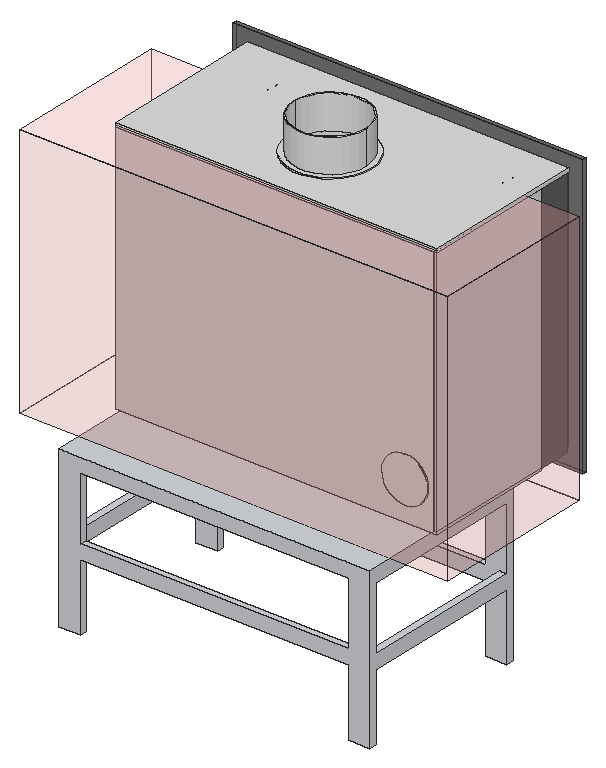
Revit family "FOGO MONTANHA-DESIGN-E909-STEEL DOOR-R19-V00", category Mechanical Equipment, host Wall, Revit 2019
Family settings
  Host = Wall
  Round Connector Dimension = Use Diameter
  Part Type = Normal
  OmniClass Number = 23.19.17.00
  Always vertical = Yes
  Cut with Voids When Loaded = No
  Shared = No
  Room Calculation Point = No
Parameters (values of type "Black Steel Door-4 sided Glass Frame 50mm")
  r_SmallDuct_Top = Diameter / 2  # 50 mm
  r_CentralDuct_Top = F / 2  # 100 mm
  r_Duct_back = 65 mm
  V = 275
  Support Table [instance] = yes
  Pu = 8.5
  Power = 10.6 kW
  Pn = 12.1
  P = 137
  Glass = Fogo Montanha-Glass
  Frame Type = FOGO MONTANHA-DESIGN-4L FRAME : E909-50mm-Glass
  Electrical Power = 32 W
  Electric tension = 230 V
  Efficiency at nominal power = "77%"
  Door_Glass_Offset = 70 mm
  Diameter = 100 mm
  Dark Glass = Fogo Montanha-Dark Glass
  URL = "https://welcome.fogo-montanha.com/pesquisar/PA2019P021"
  Door_Position = 5 mm  # constant formula
  Door = Fogo Montanha-Black Steel
  Offset_Door-Frame = 26.7 mm
  Model = "Design-E909"  # constant formula
  Manufacturer URL = "www.fogo-montanha.com"
  Manufacturer = "Fogo Montanha"  # constant formula
  Height from Level [instance] = 450 mm
  Version = "v00"  # constant formula
  Uniformat II Description = "Heat Generating Systems"  # constant formula
  Uniformat II Code = "D3020"  # constant formula
  Uniclass 2015 Name = "Space heaters"  # constant formula
  Uniclass 2015 Code = "TE_70_10_20_80"  # constant formula
  Uniclass 2.0 Description = "Space Heating And Cooling Products"  # constant formula
  Uniclass 2.0 Code = "PR-70-60-36-74"  # constant formula
  Uniclass 1.4 Description = "Fireplaces"  # constant formula
  Uniclass 1.4 Code = "L828"  # constant formula
  UNSPSC Description = "Space Heaters"  # constant formula
  UNSPSC Code = "40101819"  # constant formula
  Reference = "PA2019P021"
  Publication date = "08/2022"  # constant formula
  Number of Poles = 1
  NBS Reference Description = "Room Heaters"  # constant formula
  NBS Reference Code = "60-36-74"  # constant formula
  Masterformat 2014 Description = "Fireplaces and Stoves"  # constant formula
  Masterformat 2014 Code = "10 30 00"  # constant formula
  K = B + 13 mm  # 719 mm
  J = A + 17 mm  # 907 mm
  IfcExportType = "IfcSpaceHeaterType"  # constant formula
  IfcExportAs = "IfcSpaceHeater"  # constant formula
  G = 275 mm
  F = 200 mm
  Offset_Duct_Back = 90 mm
  Clearance Zone Visible [instance] = yes
  Clearance Zone = 150 mm
  Cl = 3.7
  CO2 = 7.7
  CO 13% O2 = 0.077
  Aux_Duct_Top = 120 mm
  Det_Door = 10 mm
  Description = "Inseríveis a lenha com ventilação tangencial incluída de série, disponíveis em preto, cinza ou porta em vidro. Incluem porta com sistema de fecho automático, ar externo canalizável através de um kit opcional, dupla combustão e câmara estanque. Possibilidade de regulação da ventilação através de um controlador GLA que, com a inclusão de um Damper, permitirá também o controlo do ar de combustão. Kit wi-fi opcional para gestão do controlador GLA à distância através de smartphone."  # constant formula
  D = 465 mm
  Body = Fogo Montanha-Steel Galvanized
  Base_Offset [instance] = if(and(Height from Level < 300 mm, Support Table), 300 mm, if(and(Height from Level > 545 mm, Support Table), 545 mm, Height from Level))  # 450 mm
  E = B  # 706 mm
  C = A  # 890 mm
  BIM Modeler URL = "www.stratbim.com"
  BIM Modeler = "StratBIM"
  B = 706 mm
  Assembly Code = "D3020"
  A = 890 mm
Types (6, lengths in mm): name | Frame Type
  Black Steel Door-4 sided Glass Frame 50mm | FOGO MONTANHA-DESIGN-4L FRAME : E909-50mm-Glass
  Black Steel Door-3 sided Glass Frame 50mm | FOGO MONTANHA-DESIGN-3L FRAME : E909-50mm-Glass
  Black Steel Door-4 sided Black Steel Frame 20mm | FOGO MONTANHA-DESIGN-4L FRAME : E909-20mm-Black Steel
  Black Steel Door-4 sided Black Steel Frame 45mm | FOGO MONTANHA-DESIGN-4L FRAME : E909-45mm-Black Steel
  Black Steel Door-3 sided Black Steel Frame 20mm | FOGO MONTANHA-DESIGN-3L FRAME : E909-20mm-Black Steel
  Black Steel Door-3 sided Black Steel Frame 45mm | FOGO MONTANHA-DESIGN-3L FRAME : E909-45mm-Black Steel
Reference planes
  plane 1 "Wall": y = 0
  plane 2 "Center (Left/Right)": x = 0
  plane 3 "Front": y = 75
  plane 4 "2": x = 445
  plane 5 "3": x = -445
  plane 6 "4": x = -445
  plane 7 "5": x = 445
  plane 8 "6": x = -453.5
  plane 9 "7": x = 453.5
  plane 10 "K'": z = 1169
  plane 11 "K": z = 450
  plane 12: y = -200
  plane 13: y = -390
  plane 14 "8": x = -50
  plane 15 "9": x = 50
  plane 16 "10": x = 363.5
  plane 17: z = 809.5
  plane 18 "B'": z = 1162.5
  plane 19 "B": z = 456.5
  plane 20 "E'": z = 1162.5
  plane 21 "E": z = 456.5
  plane 22 "L": z = 558.7
  plane 23: y = -46
  plane 24 "M": x = -333.5
  plane 25 "M'": x = 333.5
  plane 26: z = 462
  plane 27 "S": x = -448.5
  plane 28 "T": x = 448.5
  plane 29 "U": x = 421.8
  plane 30 "V": x = -421.8
  plane 31: z = 1135.8
  plane 32: z = 488.7
  plane 33: z = 558.7
  plane 34: z = 1065.8
  plane 35 "W": x = 351.8
  plane 36 "X": x = -351.8
  plane 37: y = -340
  plane 38 "Y": x = 100
  plane 39 "AA": x = -100
  plane 40: y = 87
  plane 41 "BB": z = 1269
  plane 42 "Origin": z = 0
  plane 43: y = -25
Forms (mm)
  Extrusion 1, solid, material "Fogo Montanha-Steel Galvanized" <- "Body", detail levels coarse
    sketch origin (0, 75, 0) x (1, 0, 0) y (0, 0, 1)
      loop
        line (453.5, 450) -> (453.5, 1162.5) -> (-453.5, 1162.5) -> (-453.5, 450) -> (453.5, 450)
    from 0 to 465
  Extrusion 2, solid, material "Fogo Montanha-Steel Galvanized" <- "Body", detail levels medium+fine
    sketch origin (-453.5, 0, 0) x (0, 1, 0) y (0, 0, 1)
      loop
        line (-25, 456.5) -> (-25, 1162.5) -> (-200, 1162.5) -> (-390, 1162.5) -> (-390, 456.5) -> (-25, 456.5)
    from 0 to 8.5
  Extrusion 3, solid, material "Fogo Montanha-Steel Galvanized" <- "Body", detail levels medium+fine
    sketch origin (453.5, 30, 0) x (0, 1, 0) y (0, 0, -1)
      loop
        line (-55, -456.5) -> (-420, -456.5) -> (-420, -1162.5) -> (-230, -1162.5) -> (-55, -1162.5) -> (-55, -456.5)
    from 0 to 8.5
  Extrusion 4, solid, material "Fogo Montanha-Steel Galvanized" <- "Body", detail levels medium+fine
    sketch origin (1420, -390, 1200) x (1, 0, 0) y (0, 0, 1)
      loop
        line (-975, -743.5) -> (-975, -37.5) -> (-1865, -37.5) -> (-1865, -743.5) -> (-975, -743.5)
    from 0 to -8
  Extrusion 5, solid, material "Fogo Montanha-Steel Galvanized" <- "Body", detail levels medium+fine
    sketch origin (2348.699, 225, 1162.5) x (1, 0, 0) y (0, 1, 0)
      loop
        line (-2802.199, -150) -> (-2802.199, -615) -> (-1895.199, -615) -> (-1895.199, -150) -> (-2802.199, -150)
      loop
        circle (-2348.699, -425) r 100
    from 10 to 0
  Extrusion 6, solid, material "Fogo Montanha-Steel Galvanized" <- "Body", detail levels medium+fine
    sketch origin (2348.699, 225, 456.5) x (1, 0, 0) y (0, 1, 0)
      loop
        line (-2802.199, -250) -> (-2802.199, -615) -> (-1895.199, -615) -> (-1895.199, -250) -> (-2802.199, -250)
    from -6.5 to 0
  Extrusion 7, solid, material "Fogo Montanha-Steel Galvanized" <- "Body", detail levels medium+fine
    sketch origin (1420, -390, 1200) x (1, 0, 0) y (0, 0, 1)
      loop
        circle (-1056.5, -641.3) r 65
    from 0 to 1
  Sweep 8, solid, material "Fogo Montanha-Steel Galvanized" <- "Body"
    path in 3D
      loop
        arc (-100, -200, 1169) -> (0, -300, 1169) -> (100, -200, 1169) r 100
        arc (100, -200, 1169) -> (0, -100, 1169) -> (-100, -200, 1169) r 100
    profile origin (0, -100, 1169) x (0, -1, 0) y (0, 0, 1)
      loop
        line (0, 3.5) -> (0, 100) -> (-2, 100) -> (-2, 6.467) -> (-17, 6.467) -> (-17, 3.5) -> (0, 3.5)
  Extrusion 9, solid, material "Fogo Montanha-Dark Glass" <- "Dark Glass", detail levels medium+fine
    sketch origin (0, 75, 0) x (1, 0, 0) y (0, 0, 1)
      loop
        line (421.8, 488.7) -> (421.8, 1135.8) -> (-421.8, 1135.8) -> (-421.8, 488.7) -> (421.8, 488.7)
      loop
        line (351.8, 558.7) -> (351.8, 1065.8) -> (-351.8, 1065.8) -> (-351.8, 558.7) -> (351.8, 558.7)
    from 0 to -2
  Extrusion 10, solid, material "Fogo Montanha-Vermiculite", detail levels medium+fine
    sketch origin (-421.8, 0, 0) x (0, 1, 0) y (0, 0, 1)
      loop
        line (-25, 488.7) -> (-25, 1065.8) -> (-200, 1065.8) -> (-340, 809.5) -> (-340, 488.7) -> (-25, 488.7)
    from 0 to 8.5
  Extrusion 11, solid, material "Fogo Montanha-Vermiculite", detail levels medium+fine
    sketch origin (421.8, 0, 0) x (0, 1, 0) y (0, 0, 1)
      loop
        line (-25, 488.7) -> (-25, 1065.8) -> (-200, 1065.8) -> (-340, 809.5) -> (-340, 488.7) -> (-25, 488.7)
    from 0 to -8.5
  Extrusion 12, solid, material "Fogo Montanha-Vermiculite", detail levels medium+fine
    sketch origin (1420, -340, 1200) x (1, 0, 0) y (0, 0, 1)
      loop
        line (-1006.7, -711.3) -> (-1006.7, -390.5) -> (-1833.3, -390.5) -> (-1833.3, -711.3) -> (-1006.7, -711.3)
    from 0 to -8.5
  Extrusion 13, solid, material "Fogo Montanha-Vermiculite", detail levels medium+fine
    sketch origin (0, 0, 0) x (0, 1, 0) y (0, 0, 1)
      loop
        line (-200, 1065.8) -> (-340, 809.5) -> (-329.009, 809.5) -> (-200, 1052.392) -> (-200, 1065.8)
    from -421.8 to 421.8
  Extrusion 14, solid, material "Fogo Montanha-Vermiculite", detail levels medium+fine
    sketch origin (2348.699, 225, 488.7) x (1, 0, 0) y (0, 1, 0)
      loop
        line (-2770.499, -250) -> (-2770.499, -565) -> (-1926.899, -565) -> (-1926.899, -250) -> (-2770.499, -250)
      loop
        line (-2248.699, -271) -> (-2448.699, -271) -> (-2448.699, -425) -> (-2248.699, -425) -> (-2248.699, -271)
    from 0 to 10
  Extrusion 15, solid, material "Fogo Montanha-Steel Galvanized", detail levels medium+fine
    sketch origin (2348.699, 225, 488.7) x (1, 0, 0) y (0, 1, 0)
      loop
        line (-2248.699, -271) -> (-2448.699, -271) -> (-2448.699, -425) -> (-2248.699, -425) -> (-2248.699, -271)
      loop
        line (-2435.699, -300) -> (-2361.699, -300)
        arc (-2361.699, -300) -> (-2359.578, -299.121) -> (-2358.699, -297) r 3
        line (-2358.699, -297) -> (-2358.699, -284)
        arc (-2358.699, -284) -> (-2359.578, -281.879) -> (-2361.699, -281) r 3
        line (-2361.699, -281) -> (-2435.699, -281)
        arc (-2435.699, -281) -> (-2437.82, -281.879) -> (-2438.699, -284) r 3
        line (-2438.699, -284) -> (-2438.699, -297)
        arc (-2438.699, -297) -> (-2437.82, -299.121) -> (-2435.699, -300) r 3
      loop
        arc (-2261.699, -300) -> (-2259.578, -299.121) -> (-2258.699, -297) r 3
        line (-2258.699, -297) -> (-2258.699, -284)
        arc (-2258.699, -284) -> (-2259.578, -281.879) -> (-2261.699, -281) r 3
        line (-2261.699, -281) -> (-2335.699, -281)
        arc (-2335.699, -281) -> (-2337.82, -281.879) -> (-2338.699, -284) r 3
        line (-2338.699, -284) -> (-2338.699, -297)
        arc (-2338.699, -297) -> (-2337.82, -299.121) -> (-2335.699, -300) r 3
        line (-2335.699, -300) -> (-2261.699, -300)
      loop
        line (-2435.699, -329) -> (-2361.699, -329)
        arc (-2361.699, -329) -> (-2359.578, -328.121) -> (-2358.699, -326) r 3
        line (-2358.699, -326) -> (-2358.699, -313)
        arc (-2358.699, -313) -> (-2359.578, -310.879) -> (-2361.699, -310) r 3
        line (-2361.699, -310) -> (-2435.699, -310)
        arc (-2435.699, -310) -> (-2437.82, -310.879) -> (-2438.699, -313) r 3
        line (-2438.699, -313) -> (-2438.699, -326)
        arc (-2438.699, -326) -> (-2437.82, -328.121) -> (-2435.699, -329) r 3
      loop
        arc (-2261.699, -329) -> (-2259.578, -328.121) -> (-2258.699, -326) r 3
        line (-2258.699, -326) -> (-2258.699, -313)
        arc (-2258.699, -313) -> (-2259.578, -310.879) -> (-2261.699, -310) r 3
        line (-2261.699, -310) -> (-2335.699, -310)
        arc (-2335.699, -310) -> (-2337.82, -310.879) -> (-2338.699, -313) r 3
        line (-2338.699, -313) -> (-2338.699, -326)
        arc (-2338.699, -326) -> (-2337.82, -328.121) -> (-2335.699, -329) r 3
        line (-2335.699, -329) -> (-2261.699, -329)
      loop
        line (-2435.699, -358) -> (-2361.699, -358)
        arc (-2361.699, -358) -> (-2359.578, -357.121) -> (-2358.699, -355) r 3
        line (-2358.699, -355) -> (-2358.699, -342)
        arc (-2358.699, -342) -> (-2359.578, -339.879) -> (-2361.699, -339) r 3
        line (-2361.699, -339) -> (-2435.699, -339)
        arc (-2435.699, -339) -> (-2437.82, -339.879) -> (-2438.699, -342) r 3
        line (-2438.699, -342) -> (-2438.699, -355)
        arc (-2438.699, -355) -> (-2437.82, -357.121) -> (-2435.699, -358) r 3
      loop
        arc (-2261.699, -358) -> (-2259.578, -357.121) -> (-2258.699, -355) r 3
        line (-2258.699, -355) -> (-2258.699, -342)
        arc (-2258.699, -342) -> (-2259.578, -339.879) -> (-2261.699, -339) r 3
        line (-2261.699, -339) -> (-2335.699, -339)
        arc (-2335.699, -339) -> (-2337.82, -339.879) -> (-2338.699, -342) r 3
        line (-2338.699, -342) -> (-2338.699, -355)
        arc (-2338.699, -355) -> (-2337.82, -357.121) -> (-2335.699, -358) r 3
        line (-2335.699, -358) -> (-2261.699, -358)
      loop
        line (-2435.699, -387) -> (-2361.699, -387)
        arc (-2361.699, -387) -> (-2359.578, -386.121) -> (-2358.699, -384) r 3
        line (-2358.699, -384) -> (-2358.699, -371)
        arc (-2358.699, -371) -> (-2359.578, -368.879) -> (-2361.699, -368) r 3
        line (-2361.699, -368) -> (-2435.699, -368)
        arc (-2435.699, -368) -> (-2437.82, -368.879) -> (-2438.699, -371) r 3
        line (-2438.699, -371) -> (-2438.699, -384)
        arc (-2438.699, -384) -> (-2437.82, -386.121) -> (-2435.699, -387) r 3
      loop
        arc (-2261.699, -387) -> (-2259.578, -386.121) -> (-2258.699, -384) r 3
        line (-2258.699, -384) -> (-2258.699, -371)
        arc (-2258.699, -371) -> (-2259.578, -368.879) -> (-2261.699, -368) r 3
        line (-2261.699, -368) -> (-2335.699, -368)
        arc (-2335.699, -368) -> (-2337.82, -368.879) -> (-2338.699, -371) r 3
        line (-2338.699, -371) -> (-2338.699, -384)
        arc (-2338.699, -384) -> (-2337.82, -386.121) -> (-2335.699, -387) r 3
        line (-2335.699, -387) -> (-2261.699, -387)
      loop
        line (-2435.699, -416) -> (-2361.699, -416)
        arc (-2361.699, -416) -> (-2359.578, -415.121) -> (-2358.699, -413) r 3
        line (-2358.699, -413) -> (-2358.699, -400)
        arc (-2358.699, -400) -> (-2359.578, -397.879) -> (-2361.699, -397) r 3
        line (-2361.699, -397) -> (-2435.699, -397)
        arc (-2435.699, -397) -> (-2437.82, -397.879) -> (-2438.699, -400) r 3
        line (-2438.699, -400) -> (-2438.699, -413)
        arc (-2438.699, -413) -> (-2437.82, -415.121) -> (-2435.699, -416) r 3
      loop
        arc (-2261.699, -416) -> (-2259.578, -415.121) -> (-2258.699, -413) r 3
        line (-2258.699, -413) -> (-2258.699, -400)
        arc (-2258.699, -400) -> (-2259.578, -397.879) -> (-2261.699, -397) r 3
        line (-2261.699, -397) -> (-2335.699, -397)
        arc (-2335.699, -397) -> (-2337.82, -397.879) -> (-2338.699, -400) r 3
        line (-2338.699, -400) -> (-2338.699, -413)
        arc (-2338.699, -413) -> (-2337.82, -415.121) -> (-2335.699, -416) r 3
        line (-2335.699, -416) -> (-2261.699, -416)
    from 0 to 10
  Extrusion 16, solid, material "Fogo Montanha-Black Steel", detail levels medium+fine
    sketch origin (0, 75, 0) x (1, 0, 0) y (0, 0, 1)
      loop
        line (421.8, 488.7) -> (421.8, 1135.8) -> (-421.8, 1135.8) -> (-421.8, 488.7) -> (-419.8, 488.7) -> (-419.8, 1133.8) -> (419.8, 1133.8) -> (419.8, 488.7) -> (421.8, 488.7)
    from 0 to 100
  Extrusion 17, solid, visible <- "Clearance Zone Visible"
    sketch origin (2348.699, 225, 1162.5) x (1, 0, 0) y (0, 1, 0)
      loop
        line (-2952.199, -300) -> (-2952.199, -765) -> (-1745.199, -765) -> (-1745.199, -300) -> (-1895.199, -300) -> (-1895.199, -615) -> (-2802.199, -615) -> (-2802.199, -300) -> (-2952.199, -300)
    from -712.5 to 6.5
  Extrusion 18, solid
    sketch origin (2348.699, 225, 1169) x (1, 0, 0) y (0, 1, 0)
      loop
        circle (-2015.199, -271) r 50
    from 0 to 1
  Extrusion 19, solid
    sketch origin (2348.699, 225, 1169) x (1, 0, 0) y (0, 1, 0)
      loop
        circle (-2682.199, -271) r 50
    from 0 to 1
  Extrusion 20, solid, material "Fogo Montanha-Black Steel", detail levels medium+fine
    sketch origin (1420, -25, 1200) x (1, 0, 0) y (0, 0, 1)
      loop
        line (-998.2, -711.3) -> (-998.2, -64.2) -> (-1841.8, -64.2) -> (-1841.8, -711.3) -> (-998.2, -711.3)
      loop
        line (-975, -750) -> (-975, -37.5) -> (-1865, -37.5) -> (-1865, -750) -> (-975, -750)
    from 0 to -10
  Extrusion 21, solid, material "Fogo Montanha-Black Steel", detail levels medium+fine
    sketch origin (0, 75, 0) x (1, 0, 0) y (0, 0, 1)
      loop
        line (421.8, 486.7) -> (421.8, 1135.8) -> (-421.8, 1135.8) -> (-421.8, 486.7) -> (421.8, 486.7)
      loop
        line (419.8, 488.7) -> (419.8, 1133.8) -> (-419.8, 1133.8) -> (-419.8, 488.7) -> (419.8, 488.7)
    from 0 to 100
  Extrusion 22, solid, material "Fogo Montanha-Black Steel", detail levels medium+fine
    sketch origin (0, 75, 0) x (1, 0, 0) y (0, 0, 1)
      loop
        line (447, 450) -> (447, 1162.5) -> (-447, 1162.5) -> (-447, 450) -> (447, 450)
      loop
        line (445, 452) -> (445, 1160.5) -> (-445, 1160.5) -> (-445, 452) -> (445, 452)
    from 0 to 100
  Extrusion 23, solid, material "Fogo Montanha-Dark Glass", detail levels medium+fine
    sketch origin (0, 75, 0) x (1, 0, 0) y (0, 0, 1)
      loop
        line (421.8, 488.7) -> (421.8, 1135.8) -> (-421.8, 1135.8) -> (-421.8, 488.7) -> (421.8, 488.7)
      loop
        line (-351.8, 558.7) -> (351.8, 558.7) -> (351.8, 1065.8) -> (-351.8, 1065.8) -> (-351.8, 558.7)
    from 0 to 2
  Extrusion 24, solid, material "Fogo Montanha-Glass" <- "Glass", detail levels medium+fine
    sketch origin (0, 75, 0) x (1, 0, 0) y (0, 0, 1)
      loop
        line (351.8, 558.7) -> (351.8, 1065.8) -> (-351.8, 1065.8) -> (-351.8, 558.7) -> (351.8, 558.7)
    from 0 to 2
  Extrusion 25, solid, material "Fogo Montanha-Steel", detail levels medium+fine
    sketch origin (0, 0, 0) x (0, 1, 0) y (0, 0, 1)
      loop
        line (-46, 1094.8) -> (-46, 1102.8) -> (-250, 1102.8) -> (-250, 1077.347) -> (-200, 1077.347) -> (-180, 1065.8) -> (-75, 1065.8) -> (-46, 1094.8)
    from -150 to 150
  Extrusion 26, solid, material "Fogo Montanha-Black Steel", detail levels medium+fine
    sketch origin (0, 0, 103.5) x (1, 0, 0) y (0, 0, 1)
      loop
        line (421.8, 385.2) -> (421.8, 1032.3) -> (-421.8, 1032.3) -> (-421.8, 385.2) -> (421.8, 385.2)
      loop
        line (-351.8, 455.2) -> (351.8, 455.2) -> (351.8, 962.3) -> (-351.8, 962.3) -> (-351.8, 455.2)
    from -20 to -22
  Extrusion 27, solid, material "Fogo Montanha-Black Steel", detail levels medium+fine
    sketch origin (0, 75, 107.7) x (1, 0, 0) y (0, 0, 1)
      loop
        line (421.8, 451) -> (-421.8, 451) -> (-421.8, 449) -> (421.8, 449) -> (421.8, 451)
    from 2 to 53
Cuts and joins
  joined: Extrusion 10, Extrusion 11, Extrusion 12, Extrusion 13, Extrusion 14
  joined: Extrusion 21, Extrusion 27
  joined: Extrusion 16, Extrusion 26
  joined: Extrusion 2, Extrusion 4, Extrusion 6
Lines and regions (mm)
  Opening 1
    outline origin (-5000, -75, 0) x (1, 0, 0) y (0, 0, 1)
      loop
        line (4546.5, 450) -> (5453.5, 450) -> (5453.5, 1169) -> (4546.5, 1169) -> (4546.5, 450)
  reference lines
    curve 1: circle (0, -200, 1169) r 100 normal (0, 0, 1)
    curve 2: circle (363.5, 75, 558.7) r 65 normal (0, -1, 0)
    curve 4: circle (-333.5, -46, 1162.5) r 50 normal (0, 0, 1)
    curve 5: circle (333.5, -46, 1162.5) r 50 normal (0, 0, 1)
  sketch lines
    curve 3: circle (0, -200, 1169) r 100 normal (0, 0, 1)
Text (mm)
  text "Placement side" at (-1304.494, 278.82, 0), in view "Ref. Level"
  text "Placement side" at (0, 1334.055, 2976.191), in view "Left"
  text "Placement side" at (0, 439.194, 2944.362), in view "Right"
Dimensions and locks
  locked: plane 3 "Front" to host wall at 0
  "C": plane 4 "2" to plane 5 "3"
  equal spacing: plane 4 "2", plane 2 "Center (Left/Right)", plane 5 "3"
  equal spacing: plane 7 "5", plane 2 "Center (Left/Right)", plane 6 "4"
  "A": plane 7 "5" to plane 6 "4"
  equal spacing: plane 9 "7", plane 2 "Center (Left/Right)", plane 8 "6"
  "J": plane 8 "6" to plane 9 "7"
  "K": plane 11 "K" to plane 10 "K'"
  "Base_Offset": level to plane 11 "K"
  equal spacing: plane 14 "8", plane 2 "Center (Left/Right)", plane 15 "9"
  plane 14 "8" to plane 15 "9" = 100 mm
  equal spacing: plane 11 "K", plane 17, plane 10 "K'"
  equal spacing: plane 19 "B", plane 17, plane 18 "B'"
  "B": plane 19 "B" to plane 18 "B'"
  equal spacing: plane 21 "E", plane 17, plane 20 "E'"
  "E": plane 21 "E" to plane 20 "E'"
  "Offset_Duct_Back": plane 9 "7" to plane 16 "10"
  locked: plane 11 "K" to plane 22 "L" at 108.7
  "Aux_Duct_Top": plane 8 "6" to plane 24 "M"
  "Aux_Duct_Top": plane 25 "M'" to plane 9 "7"
  "Offset_Door-Frame": plane 26 to plane 32
  "Offset_Door-Frame": plane 28 "T" to plane 29 "U"
  "Offset_Door-Frame": plane 30 "V" to plane 27 "S"
  "Door_Glass_Offset": plane 32 to plane 33
  "Door_Glass_Offset": plane 34 to plane 31
  "Door_Glass_Offset": plane 29 "U" to plane 35 "W"
  "Door_Glass_Offset": plane 36 "X" to plane 30 "V"
  locked: plane 13 to plane 37 at 50
  locked: plane 3 "Front" to plane 40 at 12
  Extrusion 15 sketch curve to Extrusion 15 sketch curve to Extrusion 15 sketch curve to Extrusion 15 sketch curve to Extrusion 15 sketch curve to Extrusion 15 sketch curve = 10 mm locked, 80 mm locked, 20 mm locked, 80 mm locked, 10 mm locked
  Extrusion 15 sketch curve to Extrusion 15 sketch curve to Extrusion 15 sketch curve to Extrusion 15 sketch curve to Extrusion 15 sketch curve to Extrusion 15 sketch curve to Extrusion 15 sketch curve to Extrusion 15 sketch curve to Extrusion 15 sketch curve to Extrusion 15 sketch curve to Extrusion 15 sketch curve to Extrusion 15 sketch curve = 10 mm locked, 19 mm locked, 10 mm locked, 19 mm locked, 10 mm locked, 19 mm locked, 10 mm locked, 19 mm locked, 10 mm locked, 19 mm locked, 9 mm locked
  "Door_Position": plane 9 "7" to plane 28 "T"
  "Door_Position": plane 27 "S" to plane 8 "6"
  locked: plane 43 to plane 3 "Front" at 100
  "Clearance Zone": Extrusion 17 sketch curve to Extrusion 17 sketch curve  (x3)
  locked: Extrusion 9 to Extrusion 16 at 2
  locked: Extrusion 16 to Extrusion 9 at 2  (x2)
  locked: Extrusion 21 sketch curve to Extrusion 9 at 2
  "Offset_Door-Frame": plane 31 to plane 20 "E'"
  locked: plane 10 "K'" to plane 41 "BB" at 100
  Extrusion 27 sketch curve to plane 33 = 2 mm
  plane 11 "K" to Extrusion 22 sketch curve = 2 mm
  locked: Extrusion 22 sketch curve to plane 20 "E'" at 2
  locked: Extrusion 22 sketch curve to plane 7 "5" at 2
  locked: plane 6 "4" to Extrusion 22 sketch curve at 2
  plane 11 "K" to plane 21 "E" = 6.5 mm
  locked: plane 11 "K" to plane 26 at 12
  locked: plane 23 to plane 43 at 21
  locked: plane 12 to plane 23 at 154
  locked: plane 37 to plane 12 at 140
  locked: plane 43 to plane 1 "Wall" at 25
  cut or joined group of Extrusion 16, Extrusion 26 to cut or joined group of Extrusion 16, Extrusion 26 to plane 40 = 2 mm locked, 65 mm locked
  "r_CentralDuct_Top": radius of curve 1
  "r_Duct_back": radius of curve 2
  "r_SmallDuct_Top": radius of curve 5
  "r_SmallDuct_Top": radius of curve 4
  aligned and locked: plane 8 "6" to Opening 1 sketch curve
  aligned and locked: Opening 1 sketch curve to plane 9 "7"
  aligned and locked: plane 10 "K'" to Opening 1 sketch curve
  aligned and locked: plane 11 "K" to Opening 1 sketch curve
  aligned and locked: plane 8 "6" to Extrusion 1 sketch curve
  aligned and locked: Extrusion 1 sketch curve to plane 9 "7"
  aligned and locked: plane 18 "B'" to Extrusion 1 sketch curve
  aligned and locked: plane 13 to Extrusion 1
  aligned and locked: plane 19 "B" to Extrusion 2 sketch curve
  aligned and locked: plane 18 "B'" to Extrusion 2 sketch curve
  aligned and locked: plane 13 to Extrusion 2 sketch curve
  aligned and locked: Extrusion 3 sketch curve to plane 18 "B'"
  aligned and locked: Extrusion 3 sketch curve to plane 13
  aligned and locked: Extrusion 3 sketch curve to plane 19 "B"
  aligned and locked: plane 4 "2" to Extrusion 4 sketch curve
  aligned and locked: plane 5 "3" to Extrusion 4 sketch curve
  aligned and locked: plane 21 "E" to Extrusion 4 sketch curve
  aligned and locked: plane 20 "E'" to Extrusion 4 sketch curve
  aligned and locked: plane 5 "3" to Extrusion 2
  aligned and locked: Extrusion 3 to plane 4 "2"
  aligned and locked: Extrusion 5 sketch curve to plane 8 "6"
  aligned and locked: plane 9 "7" to Extrusion 5 sketch curve
  aligned and locked: Extrusion 5 sketch curve to plane 13
  aligned and locked: Extrusion 5 sketch curve to curve 1
  aligned and locked: plane 9 "7" to Extrusion 6 sketch curve
  aligned and locked: Extrusion 6 sketch curve to plane 8 "6"
  aligned and locked: Extrusion 6 sketch curve to plane 13
  aligned and locked: Extrusion 7 sketch curve to curve 2
  aligned and locked: plane 24 "M" to curve 4
  aligned and locked: plane 23 to curve 4
  aligned and locked: plane 23 to curve 5
  aligned and locked: plane 25 "M'" to curve 5
  aligned and locked: plane 32 to Extrusion 9 sketch curve
  aligned and locked: Extrusion 9 sketch curve to plane 29 "U"
  aligned and locked: Extrusion 9 sketch curve to plane 31
  aligned and locked: plane 30 "V" to Extrusion 9 sketch curve
  aligned and locked: Extrusion 10 to plane 32
  aligned and locked: plane 34 to Extrusion 10 sketch curve
  aligned and locked: plane 12 to Extrusion 10 sketch curve
  aligned and locked: Extrusion 12 to Extrusion 10
  aligned and locked: Extrusion 12 to Extrusion 11
  aligned and locked: Extrusion 11 sketch curve to Extrusion 12
  aligned and locked: Extrusion 10 sketch curve to plane 37
  aligned and locked: plane 17 to Extrusion 12
  aligned and locked: plane 17 to Extrusion 10 sketch curve
  aligned and locked: plane 17 to Extrusion 11 sketch curve
  aligned and locked: Extrusion 13 sketch curve to Extrusion 10
  aligned and locked: plane 17 to Extrusion 13 sketch curve
  aligned and locked: plane 12 to Extrusion 13 sketch curve
  aligned and locked: plane 29 "U" to Extrusion 13
  aligned and locked: Extrusion 13 to plane 30 "V"
  aligned and locked: Extrusion 10 to Extrusion 12
  aligned and locked: Extrusion 14 sketch curve to plane 30 "V"
  aligned and locked: Extrusion 14 sketch curve to plane 37
  aligned and locked: Extrusion 14 sketch curve to plane 29 "U"
  aligned and locked: plane 12 to Extrusion 14 sketch curve
  aligned and locked: Extrusion 14 sketch curve to plane 23
  aligned and locked: Extrusion 14 sketch curve to plane 39 "AA"
  aligned and locked: plane 38 "Y" to Extrusion 14 sketch curve
  aligned and locked: Extrusion 15 sketch curve to plane 38 "Y"
  aligned and locked: Extrusion 15 sketch curve to plane 23
  aligned and locked: Extrusion 15 to plane 32
  aligned and locked: Extrusion 14 to Extrusion 15
  aligned and locked: Extrusion 15 sketch curve to Extrusion 15 sketch curve  (x26)
  aligned and locked: nested 1 to plane 2 "Center (Left/Right)"
  aligned and locked: plane 41 "BB" to Sweep 8 sketch curve
  aligned and locked: Extrusion 5 to Sweep 8 sketch curve
  aligned and locked: level to plane 42 "Origin"
  aligned and locked: Extrusion 10 sketch curve to plane 43
  aligned and locked: plane 43 to Extrusion 3 sketch curve
  aligned and locked: Extrusion 2 sketch curve to plane 43
  aligned and locked: plane 29 "U" to Extrusion 16 sketch curve
  aligned and locked: plane 31 to Extrusion 16 sketch curve
  aligned and locked: plane 30 "V" to Extrusion 16 sketch curve
  aligned and locked: Extrusion 16 sketch curve to plane 32
  aligned and locked: plane 32 to Extrusion 16 sketch curve
  aligned and locked: plane 43 to Extrusion 16
  aligned and locked: Extrusion 14 sketch curve to plane 43
  aligned and locked: Extrusion 17 sketch curve to host wall
  aligned and locked: host wall to Extrusion 17 sketch curve
  aligned and locked: Extrusion 17 to host wall  (x2)
  aligned and locked: Extrusion 18 sketch curve to curve 5
  aligned and locked: Extrusion 19 sketch curve to curve 4
  aligned and locked: Extrusion 6 to plane 11 "K"
  aligned and locked: nested 1 to plane 17
  aligned and locked: Extrusion 22 sketch curve to plane 7 "5"
  aligned and locked: Extrusion 22 sketch curve to plane 20 "E'"
  aligned and locked: plane 6 "4" to Extrusion 22 sketch curve
  aligned and locked: plane 31 to Extrusion 23 sketch curve
  aligned and locked: Extrusion 23 sketch curve to plane 30 "V"
  aligned and locked: plane 29 "U" to Extrusion 23 sketch curve
  aligned and locked: Extrusion 23 sketch curve to plane 32
  aligned and locked: Extrusion 6 to Extrusion 2
  aligned and locked: plane 35 "W" to Extrusion 9 sketch curve
  aligned and locked: plane 34 to Extrusion 9 sketch curve
  aligned and locked: plane 36 "X" to Extrusion 9 sketch curve
  aligned and locked: plane 33 to Extrusion 9 sketch curve
  aligned and locked: plane 35 "W" to Extrusion 24 sketch curve
  aligned and locked: plane 34 to Extrusion 24 sketch curve
  aligned and locked: plane 33 to Extrusion 24 sketch curve
  aligned and locked: plane 36 "X" to Extrusion 24 sketch curve
  aligned and locked: Extrusion 11 sketch curve to plane 43
  aligned and locked: plane 23 to Extrusion 25 sketch curve
  aligned and locked: Extrusion 27 to Extrusion 26
  aligned and locked: Extrusion 27 sketch curve to plane 33
  aligned and locked: plane 29 "U" to Extrusion 26 sketch curve
  aligned and locked: Extrusion 26 sketch curve to plane 30 "V"
  aligned and locked: plane 29 "U" to Extrusion 27
  aligned and locked: Extrusion 27 to plane 30 "V"
  aligned and locked: Extrusion 26 sketch curve to plane 34
  aligned and locked: plane 31 to Extrusion 26 sketch curve
  aligned and locked: plane 9 "7" to Extrusion 17 sketch curve
  aligned and locked: Extrusion 17 sketch curve to plane 8 "6"
  aligned and locked: plane 13 to Extrusion 17 sketch curve
  aligned and locked: Extrusion 20 sketch curve to plane 20 "E'"
  aligned and locked: Extrusion 20 sketch curve to plane 31
  aligned and locked: Extrusion 20 sketch curve to plane 32
  aligned and locked: Extrusion 20 sketch curve to plane 7 "5"
  aligned and locked: Extrusion 20 sketch curve to plane 29 "U"
  aligned and locked: Extrusion 20 sketch curve to plane 6 "4"
  aligned and locked: Extrusion 20 sketch curve to plane 30 "V"
  aligned and locked: plane 33 to Extrusion 26 sketch curve
  aligned and locked: Extrusion 26 sketch curve to plane 32
  aligned and locked: Extrusion 1 sketch curve to plane 11 "K"
  aligned and locked: Extrusion 22 sketch curve to plane 11 "K"
  aligned and locked: Extrusion 20 sketch curve to plane 11 "K"
  aligned and locked: nested 2 to plane 2 "Center (Left/Right)"
  aligned and locked: nested 2 to host wall
  aligned and locked: Extrusion 27 to cut or joined group of Extrusion 16, Extrusion 26
  aligned and locked: Extrusion 27 to Extrusion 23
Automatic sketch dimensions
  Extrusion 2 sketch curve to plane 12 = 0 mm
  Extrusion 3 sketch curve to plane 12 = 0 mm
  Extrusion 5 sketch curve to host wall = 0 mm
  Sweep 8 sketch curve to profile plane = 0 mm
  profile plane to Sweep 8 sketch curve = 2 mm
  profile plane to Sweep 8 sketch curve = 6.467 mm
  Sweep 8 sketch curve to Sweep 8 sketch curve = 15 mm
  Extrusion 10 sketch curve to plane 32 = 0 mm
  Extrusion 12 sketch curve to plane 32 = 0 mm
  Extrusion 12 sketch curve to plane 17 = 0 mm
  plane 30 "V" to Extrusion 12 sketch curve = 8.5 mm
  Extrusion 12 sketch curve to plane 29 "U" = 8.5 mm
  Extrusion 13 sketch curve to plane 37 = 10.991 mm
  Extrusion 13 sketch curve to plane 34 = 13.408 mm
  Extrusion 15 sketch curve to Extrusion 15 sketch curve = 3 mm  (x40)
  plane 30 "V" to Extrusion 16 sketch curve = 2 mm
  Extrusion 16 sketch curve to plane 29 "U" = 2 mm
  Extrusion 16 sketch curve to plane 31 = 2 mm
  Extrusion 21 sketch curve to plane 30 "V" = 0 mm
  Extrusion 21 sketch curve to plane 32 = 0 mm
  Extrusion 21 sketch curve to plane 29 "U" = 0 mm
  Extrusion 21 sketch curve to plane 31 = 0 mm
  plane 30 "V" to Extrusion 21 sketch curve = 2 mm
  Extrusion 21 sketch curve to plane 29 "U" = 2 mm
  Extrusion 21 sketch curve to plane 31 = 2 mm
  Extrusion 23 sketch curve to plane 34 = 0 mm
  Extrusion 23 sketch curve to plane 36 "X" = 0 mm
  Extrusion 23 sketch curve to plane 22 "L" = 0 mm
  Extrusion 23 sketch curve to plane 35 "W" = 0 mm
  Extrusion 11 sketch curve to plane 12 = 0 mm
  Extrusion 11 sketch curve to plane 34 = 0 mm
  Extrusion 11 sketch curve to plane 32 = 0 mm
  Extrusion 26 sketch curve to plane 24 "M" = 18.3 mm
  Extrusion 26 sketch curve to plane 25 "M'" = 18.3 mm
  Extrusion 27 sketch curve to plane 36 "X" = 70 mm
  plane 16 "10" to Extrusion 27 sketch curve = 58.3 mm
  plane 43 to Extrusion 6 sketch curve = 0 mm
  Extrusion 25 sketch curve to plane 12 = 0 mm
  Extrusion 25 sketch curve to plane 34 = 0 mm
  plane 34 to Extrusion 25 sketch curve = 11.547 mm
  Extrusion 25 sketch curve to Extrusion 25 sketch curve = 50 mm
  plane 23 to Extrusion 25 sketch curve = 29 mm
  plane 34 to Extrusion 25 sketch curve = 29 mm
  Extrusion 25 sketch curve to plane 12 = 20 mm
  Extrusion 25 sketch curve to Extrusion 25 sketch curve = 8 mm
  curve 2 to plane 16 "10" = 0 mm
  curve 2 to plane 22 "L" = 0 mm
  curve 4 to plane 24 "M" = 0 mm
  curve 1 to plane 2 "Center (Left/Right)" = 0 mm
  plane 12 to curve 1 = 0 mm
Nested families
  nested 1: "FOGO MONTANHA-DESIGN-4L FRAME" at (0, 75, 809.5) x (-1, 0, 0) z (0, 1, 0), type <- "Frame Type", type "E909-50mm-Glass"
    with Width 50 mm, B 698 mm, A 888 mm
  nested 2: "FOGO MONTANHA-SUPPORT TABLE-R19-V00" at (0, -75, 0) x (-1, 0, 0) z (0, 0, 1), H <- "Base_Offset", visible <- "Support Table", type "PA1090G051"
    with H 450 mm
Connectors
  hvac at (0, -200, 1269), driven by "F"
    settings: on Sweep 8, index 1, duct flow 0.0 L/s, flow factor 0, pres drop 0.0 Pa, loss coef 0, conn angle 0.00°, conn width 304.8 mm, conn height 304.8 mm, conn diameter 200 mm, duct sys type 3, conn prof type 0, flow config 0, flow direction 2, loss method 0, conn ref index -1, conn util no, is conn primary yes, conn desc ""
  electrical at (-453.5, -206, 880.1), driven by "Number of Poles", driven by "Electric tension", driven by "Electrical Power"
    settings: on Extrusion 2, index 3, voltage 230 V, apparent load 32 VA, apparent load phase1 0 VA, apparent load phase2 0 VA, apparent load phase3 0 VA, power factor 1, load classification "Other", number of poles 1, system type 30, power factor state 1, is connector primary yes, connector utility no, sub classification motor no, connector description ""
  hvac at (363.5, -390, 558.7), driven by "Diameter"
    settings: on Extrusion 7, index 4, duct flow 0.0 L/s, flow factor 0, pres drop 0.0 Pa, loss coef 0, conn angle 0.00°, conn width 304.8 mm, conn height 304.8 mm, conn diameter 100 mm, duct sys type 1, conn prof type 0, flow config 0, flow direction 1, loss method 0, conn ref index -1, conn util no, is conn primary no, conn desc ""
  hvac at (-333.5, -46, 1170), driven by "Diameter"
    settings: on Extrusion 19, index 5, duct flow 0.0 L/s, flow factor 0, pres drop 0.0 Pa, loss coef 0, conn angle 0.00°, conn width 304.8 mm, conn height 304.8 mm, conn diameter 100 mm, duct sys type 3, conn prof type 0, flow config 0, flow direction 2, loss method 0, conn ref index -1, conn util no, is conn primary no, conn desc ""
  hvac at (333.5, -46, 1170), driven by "Diameter"
    settings: on Extrusion 18, index 6, duct flow 0.0 L/s, flow factor 0, pres drop 0.0 Pa, loss coef 0, conn angle 0.00°, conn width 304.8 mm, conn height 304.8 mm, conn diameter 100 mm, duct sys type 3, conn prof type 0, flow config 0, flow direction 2, loss method 0, conn ref index -1, conn util no, is conn primary no, conn desc ""
Definition of nested family "FOGO MONTANHA-DESIGN-4L FRAME"
  Parameters (values of type "E609-20mm")
    Width = 20 mm
    Uniformat II Description = "Other HVAC Systems & Equipment"
    Uniformat II Code = "D3090"
    Uniclass 2015 Name = "Fireplace Surrounds"
    Uniclass 2015 Code = "PR_70_60_80_32"
    URL = "https://www.fogo-montanha.com/pt"
    UNSPSC Code = "40101819"
    Thickness = 12 mm
    Reference = "MO2070P132"
    Model = "Design 4 Sided"  # constant formula
    Masterformat 2014 Description = "Fireplace Specialties"
    Masterformat 2014 Code = "10 32 00"
    Manufacturer = "Fogo Montanha"  # constant formula
    Frame Material = none
    Default Elevation = 1219.2 mm
    B = 488 mm
    A = 588 mm
  Types (15, lengths in mm): name | Width | Reference | Default Elevation | B | A
    E609H-50mm | 50 | "MO2070V016" | 1219.2 | 690 | 587
    E609H-45mm | 45 | "MO2070P134" | 1219.2 | 690 | 587
    E609H-20mm | 20 | "MO2070P136" | 1219.2 | 690 | 587
    E609-50mm | 50 | "MO2070V014" | 1219.2 | 488 | 588
    E709-50mm | 50 | "MO2070V018" | 1219.2 | 556 | 688
    E809-50mm | 50 | "MO2070V020" | 1219.2 | 628 | 788
    E909-50mm | 50 | "MO2070V023" | 1219.2 | 698 | 888
    E609-45mm | 45 | "MO2070P130" | 1219.2 | 488 | 588
    E709-45mm | 45 | "MO2070P138" | 5 | 556 | 688
    E809-45mm | 45 | "MO2070P142" | 1219.2 | 628 | 788
    E909-45mm | 45 | "MO2070P146" | 1219.2 | 698 | 888
    E609-20mm | 20 | "MO2070P132" | 1219.2 | 488 | 588
    E709-20mm | 20 | "MO2070P140" | 1219.2 | 556 | 688
    E809-20mm | 20 | "MO2070P144" | 1219.2 | 628 | 788
    E909-20mm | 20 | "MO2070P148" | 1219.2 | 698 | 888
  Reference planes
    plane 1 "Center (Front/Back)": y = 0
    plane 2: z = 0
    plane 3 "Center (Left/Right)": x = 0
    plane 4: x = -294
    plane 5: x = 294
    plane 6: y = 244
    plane 7: y = -244
    plane 8: x = -314
    plane 9: z = 12
  Forms (mm)
    Extrusion 1, solid
      sketch origin (0, 0, 0) x (1, 0, 0) y (0, 1, 0)
        loop
          line (-1219.2, 1219.2) -> (-1219.2, -1219.2) -> (1219.2, -1219.2) -> (1219.2, 1219.2) -> (-1219.2, 1219.2)
      from 0 to -304.8
    Sweep 2, solid, material <- "Frame Material"
      path origin (0, 0, 0) x (1, 0, 0) y (0, 1, 0)
        loop
          line (-294, -244) -> (294, -244) -> (294, 244) -> (-294, 244) -> (-294, -244)
      profile origin (-294, 0, 0) x (1, 0, 0) y (0, 0, 1)
        loop
          line (-20, 12) -> (-20, 0) -> (0, 0) -> (0, 12) -> (-20, 12)
  Dimensions and locks
    equal spacing: plane 6, plane 1 "Center (Front/Back)", plane 7
    "B": plane 6 to plane 7
    equal spacing: plane 4, plane 3 "Center (Left/Right)", plane 5
    "A": plane 4 to plane 5
    "Thickness": plane 9 to plane 2
    "Width": plane 4 to plane 8
    aligned and locked: plane 2 to Extrusion 1
    aligned and locked: level to Extrusion 1
    aligned and locked: plane 7 to Sweep 2 sketch curve
    aligned and locked: Sweep 2 sketch curve to plane 4  (x2)
    aligned and locked: plane 6 to Sweep 2 sketch curve
    aligned and locked: Sweep 2 sketch curve to plane 5
    aligned and locked: Sweep 2 sketch curve to plane 9
    aligned and locked: Sweep 2 sketch curve to plane 8
    aligned and locked: Sweep 2 sketch curve to plane 2
  Automatic sketch dimensions
    Extrusion 1 sketch curve to Extrusion 1 sketch curve = 2438.4 mm  (x2)
Definition of nested family "FOGO MONTANHA-SUPPORT TABLE-R19-V00"
  Parameters (values of type "PA1090G049")
    URL = "https://fogo-montanha.com"
    Reference = "PA1090G049"
    P = 533 mm
    Model = "Support Table"  # constant formula
    Manufacturer = "Fogo Montanha"  # constant formula
    L = 677 mm
    H [instance] = 420 mm
    Description = "Mesa de suporte PA1090G049 compatível com os modelos Classic E601,Classic E701, Design E709, Design E609 e Design E609H."
  Types (4, lengths in mm): name | Reference | P | L | H | Description
    (no name) | "PA1090G049" | 533 | 677 | 420 | "Mesa de suporte PA1090G049 compatível com os modelos Classic E601,Classic E701, Design E709, Design E609 e Design E609H."
    PA1090G027 | "PA1090G027" | 470 | 677 | 300 | "Mesa de suporte PA1090G027 compatível com os modelos SQUARE D e SQUARE V."
    PA1090G049 | "PA1090G049" | 533 | 677 | 420 | "Mesa de suporte PA1090G049 compatível com os modelos Classic E601,Classic E701, Design E709, Design E609 e Design E609H."
    PA1090G051 | "PA1090G051" | 533 | 877 | 504 | "Mesa de suporte PA1090G051 compatível com os modelos Classic E901, Classic E801, Design E909 e Design E809."
  Reference planes
    plane 1 "Center (Front/Back)": y = 0
    plane 2: z = 0
    plane 3 "Center (Left/Right)": x = 0
    plane 4: x = -338.5
    plane 5: x = -318.5
    plane 6: x = -278.5
    plane 7: x = 278.5
    plane 8: x = 318.5
    plane 9: x = 338.5
    plane 10: y = 533
    plane 11: y = 513
    plane 12: y = 50
    plane 13: y = 30
    plane 14: z = 420
    plane 15: z = 380
    plane 16: z = 200
    plane 17: z = 160
  Forms (mm)
    Extrusion 1, solid
      sketch origin (0, 0, 0) x (1, 0, 0) y (0, 1, 0)
        loop
          line (-338.5, 533) -> (-338.5, 513) -> (-278.5, 513) -> (-278.5, 533) -> (-338.5, 533)
        loop
          line (-338.5, 30) -> (-278.5, 30) -> (-278.5, 50) -> (-338.5, 50) -> (-338.5, 30)
        loop
          line (278.5, 50) -> (278.5, 30) -> (338.5, 30) -> (338.5, 50) -> (278.5, 50)
        loop
          line (278.5, 533) -> (278.5, 513) -> (338.5, 513) -> (338.5, 533) -> (278.5, 533)
      from 0 to 380
    Extrusion 2, solid
      sketch origin (0, 0, 0) x (1, 0, 0) y (0, 1, 0)
        loop
          line (-338.5, 533) -> (-338.5, 30) -> (-278.5, 30) -> (-278.5, 0) -> (278.5, 0) -> (278.5, 30) -> (338.5, 30) -> (338.5, 533) -> (-338.5, 533)
      from 380 to 420
    Extrusion 3, solid
      sketch origin (0, 0, 0) x (1, 0, 0) y (0, 1, 0)
        loop
          line (338.5, 533) -> (-338.5, 533) -> (-338.5, 30) -> (338.5, 30) -> (338.5, 533)
        loop
          line (318.5, 513) -> (-318.5, 513) -> (-318.5, 50) -> (318.5, 50) -> (318.5, 513)
      from 160 to 200
  Cuts and joins
    joined: Extrusion 1, Extrusion 2, Extrusion 3
  Dimensions and locks
    locked: plane 4 to plane 5 at 20
    locked: plane 4 to plane 6 at 60
    locked: plane 7 to plane 9 at 60
    equal spacing: plane 4, plane 3 "Center (Left/Right)", plane 9
    "L": plane 4 to plane 9
    locked: plane 10 to plane 11 at 20
    locked: plane 12 to plane 13 at 20
    locked: plane 13 to plane 1 "Center (Front/Back)" at 30
    "P": plane 1 "Center (Front/Back)" to plane 10
    locked: plane 14 to plane 15 at 40
    locked: plane 15 to plane 16 at 180
    locked: plane 16 to plane 17 at 40
    "H": plane 14 to level
    locked: plane 8 to plane 9 at 20
    aligned and locked: level to plane 2
    aligned and locked: Extrusion 1 sketch curve to plane 10  (x2)
    aligned and locked: Extrusion 1 sketch curve to plane 11  (x2)
    aligned and locked: Extrusion 1 sketch curve to plane 6  (x2)
    aligned and locked: Extrusion 1 sketch curve to plane 4  (x2)
    aligned and locked: Extrusion 1 sketch curve to plane 13  (x2)
    aligned and locked: Extrusion 1 sketch curve to plane 12  (x2)
    aligned and locked: Extrusion 1 sketch curve to plane 9  (x2)
    aligned and locked: Extrusion 1 sketch curve to plane 7  (x2)
    aligned and locked: plane 15 to Extrusion 1
    aligned and locked: Extrusion 2 sketch curve to plane 10
    aligned and locked: Extrusion 2 sketch curve to plane 9
    aligned and locked: Extrusion 2 sketch curve to plane 13  (x2)
    aligned and locked: Extrusion 2 sketch curve to plane 1 "Center (Front/Back)"
    aligned and locked: Extrusion 2 sketch curve to plane 4
    aligned and locked: Extrusion 2 sketch curve to plane 6
    aligned and locked: Extrusion 2 sketch curve to plane 7
    aligned and locked: plane 14 to Extrusion 2
    aligned and locked: Extrusion 2 to plane 15
    aligned and locked: Extrusion 3 sketch curve to plane 9
    aligned and locked: Extrusion 3 sketch curve to plane 8
    aligned and locked: Extrusion 3 sketch curve to plane 5
    aligned and locked: Extrusion 3 sketch curve to plane 4
    aligned and locked: Extrusion 3 sketch curve to plane 11
    aligned and locked: Extrusion 3 sketch curve to plane 10
    aligned and locked: Extrusion 3 sketch curve to plane 12
    aligned and locked: Extrusion 3 sketch curve to plane 13
    aligned and locked: plane 16 to Extrusion 3
    aligned and locked: Extrusion 3 to plane 17
